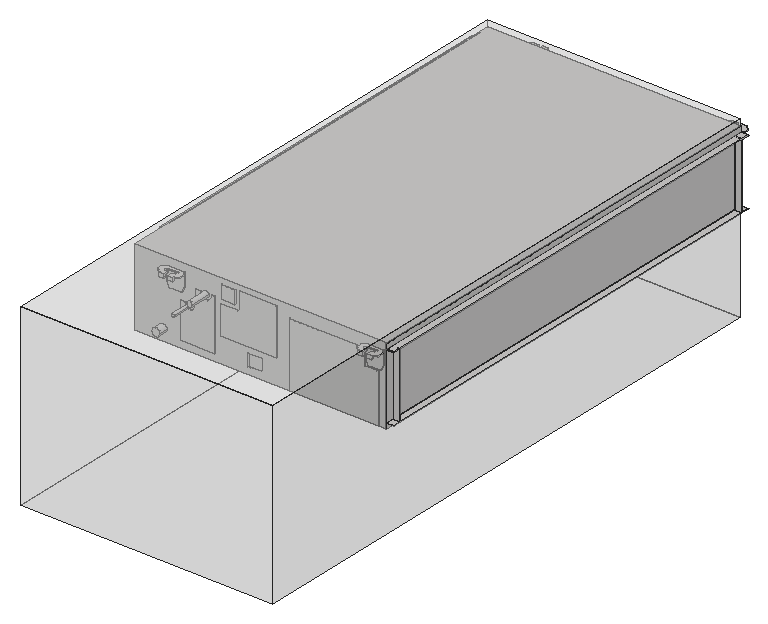
Revit family "outputfile", category 機械設備, Revit 2024
Family settings
  丸型コネクタ寸法 = 半径を使用
  パーツ タイプ = 標準
  OmniClass 番号 = 23.75.10.24.21.27.27
  OmniClass タイトル = Split System Air Conditioning Units
  作業面ベース = いいえ
  常に垂直 = はい
  ロード時にボイドで切り取り = いいえ
  注釈の向きを維持 = いいえ
  共有 = いいえ
  部屋計算ポイント = はい
Parameters (values of type "FBFC100DVM4")
  Description = ""
  製造元 = "Daikin"
  書き出し IFC クラス(タイプ) = "IfcUnitaryEquipmentType"
  定義済み IFC タイプ(タイプ) = "AIRCONDITIONINGUNIT"
  Cost = 0
  モデル = "FBFC100DVM4"
  Type Comments = ""
  Keynote = ""
  Type Image = (empty or 0)
  Assembly Code = ""
  switch_frequency = yes
  r_Liquid Pipe Size = Liquid Pipe Size / 2  # 4.75 mm
  r_Gas Pipe Size = Gas Pipe Size / 2  # 7.95 mm
  r_Drain Pipe Size = Drain Pipe Size / 2  # 12.5 mm
  lw_power = 770.0 mm  # constant formula
  lh_SA = 138.0 mm  # constant formula
  lw_SA = if(Depth = 550.0 mm, 225.0 mm, if(Depth = 700.0 mm, 300.0 mm, if(Depth = 1000.0 mm, 450.0 mm, if(Depth = 1400.0 mm, 650.0 mm, 725.0 mm))))  # 650.0 mm
  lw_RA = if(Depth = 550.0 mm, 275.0 mm, if(Depth = 700.0 mm, 349.0 mm, if(Depth = 1000.0 mm, 499.0 mm, if(Depth = 1400.0 mm, 699.0 mm, 775.0 mm))))  # 699.0 mm
  lh_power = 60.0 mm + [h***]  # 60.0 mm
  lh_mountinghole1 = lh_mountinghole + [h***]  # 222.0 mm
  lh_RA = 123.0 mm  # constant formula
  ld_power = Depth / 2  # 700.0 mm
  connector_voltage = Voltage_50Hz  # 230 V
  connector_powerinput = [Power Input (Cooling)]  # 0.000 kW
  connector_phase = Phase_50Hz  # 1
  Voltage_comment_50Hz = "220 - 240"
  Voltage_50Hz = 230 V
  URL = ""
  Supply Air Direction [instance] = yes
  Sound Power Level_H speed (dB) = 0
  Phase_50Hz = 1
  Minimum External Static Pressure = 50.00 Pa
  Minimum Circuit Amps_50Hz = 0.0 A
  Maximum Fuse Amps_50Hz = 0.0 A
  Maximum External Static Pressure = 150.00 Pa
  Material_Casing = DAIKIN_GalvanizedSteel_Casing_indoorunit
  lw_mountinghole = 630.0 mm  # constant formula
  lh_gaspipe = 183.0 mm + [h***]  # 183.0 mm
  lh_mountinghole = 222.0 mm  # constant formula
  lh_liquidpipe = 136.0 mm + [h***]  # 136.0 mm
  lh_drainpipe = 38.0 mm + [h***]  # 38.0 mm
  lh_antena = Height - lh_mountinghole + 1.0 mm  # 24.0 mm
  ld_drainpipe = Depth / 2 + 26.0 mm  # 726.0 mm
  ld_liquidpipe = Depth / 2 + 69.0 mm  # 769.0 mm
  ld_gaspipe = Depth / 2 + 65.0 mm  # 765.0 mm
  ld_mountinghole = Depth + 38.0 mm  # 1438.0 mm
  h*** = 0.0 mm  # constant formula
  lw_liquidpipe = 179.0 mm  # constant formula
  lw_gaspipe = 229.0 mm  # constant formula
  lw_drainpipe = 91.0 mm  # constant formula
  Width = 800.0 mm
  Version = "ver.1.0"
  Unit Type = "M.S.P. Duct"
  Unit Mass Weight = 46.00 kg
  Unit Designation [instance] = ""
  Uniclass2015Version = "Products v1.30"
  Uniclass2015Title = "Split coil room air conditioning units"
  Uniclass2015Code = "Pr_70_65_03_86"
  Total Cooling Capacity [instance] = 0.000 kW
  Sound Pressure Level_M speed (dBA) = 37.5
  Sound Pressure Level_L speed (dBA) = 35
  Sound Pressure Level_H speed (dBA) = 40
  Series = "SkyAir_Fan Coil Unit"
  Sensible Cooling Capacity [instance] = 0.000 kW
  SA Duct Size Width = 1192.0 mm
  SA Duct Size Height = 176.0 mm
  Refrigerant Type = "R32"
  RA Duct Size Width = 1352.0 mm
  RA Duct Size Height = 208.0 mm
  Power Input (Cooling) = 0.000 kW
  Option Accessory 3 [instance] = ""
  Option Accessory 2 [instance] = ""
  Option Accessory 1 [instance] = ""
  Nominal Cooling Capacity = 10.000 kW
  Minimum Airflow = 1500.00 m³/h
  Median Airflow = 1830.00 m³/h
  Maximum Airflow = 2160.00 m³/h
  Load Classification = HVAC
  Liquid Pipe Size = 9.5 mm
  Link_Nested Family [instance] = ""
  IfcVersion = ""
  IfcExportType = "AIRCONDITIONINGUNIT"
  IfcExportAs = "IfcUnitaryEquipmentType"
  Height = 245.0 mm
  Heat Exchanger Type = "Cross Fin Coil"
  Gas Pipe Size = 15.9 mm
  Frequency_50Hz = 50 Hz
  Fan Type = "Sirocco Fan"
  Fan Drive = "Direct Drive"
  FCU Tag No. [instance] = ""
  Drain Pipe Size = 25.0 mm
  Design Supply Airflow [instance] = 0.00 m³/h
  Design Return Airflow [instance] = 0.00 m³/h
  Design External Static Pressure [instance] = 0.00 Pa
  Depth = 1400.0 mm
  既定の高さ = 0.0 mm
  Cooling Entering Wet Bulb Temperature [instance] = 0.00 °C
  Cooling Entering Dry Bulb Temperature [instance] = 0.00 °C
  Cooling Ambient Wet Bulb Temperature [instance] = 0.00 °C
  Cooling Ambient Dry Bulb Temperature [instance] = 0.00 °C
  Clearance visibility [instance] = yes
  Clearance Top = 20.0 mm
  Clearance Right = 0.0 mm
  Clearance Rear = 0.0 mm
  Clearance Left = 0.0 mm
  Clearance Front = 450.0 mm
  Clearance Bottom = 300.0 mm
Reference planes
  plane 1 "Center (Front/Back)": y = 0
  plane 2 "h": z = 0
  plane 3 "Center (Left/Right)": x = 0
  plane 4 "Back": y = 700
  plane 5 "Front": y = -700
  plane 6 "Left": x = -400
  plane 7 "Right": x = 400
  plane 8 "Top": z = 0
  plane 9 "Bottom": z = -245
  plane 10: y = -215
  plane 11: y = 700
  plane 12: y = -1150
  plane 13: x = -400
  plane 14: x = 400
  plane 15: z = 20
  plane 16: z = -545
  plane 17: x = -400
  plane 18: x = -399
  plane 19: x = 399
  plane 20: y = 50
  plane 21: y = -1
  plane 22: z = -122
  plane 23: y = -701
  plane 24: z = -109
  plane 25: x = -221
  plane 26: y = -765
  plane 27: z = -62
  plane 28: x = -171
  plane 29: y = -726
  plane 30: z = -207
  plane 31: x = -309
  plane 32: x = -309
  plane 33: x = -221
  plane 34: x = -171
  plane 35: x = 370
  plane 36: x = -266
  plane 37: x = 364
  plane 38: y = -719
  plane 39: y = 719
  plane 40: z = -23
  plane 41: z = -107
  plane 42: y = -769
  plane 43: y = -376
  plane 44: x = -251
  plane 45: x = -203
  plane 46: x = -144
  plane 47: z = -59
  plane 48: z = -106
  plane 49: z = -221
  plane 50: z = -109
  plane 51: x = -221
  plane 52: z = -62
  plane 53: x = -171
  plane 54: z = -17
  plane 55: z = -59
  plane 56: x = -121
  plane 57: x = -79
  plane 58: x = -125
  plane 59: x = -64
  plane 60: x = 53
  plane 61: z = -164
  plane 62: z = -73
  plane 63: z = -16
  plane 64: x = 93.5
  plane 65: x = 374.5
  plane 66: x = 330
  plane 67: z = -88.5
  plane 68: z = -38
  plane 69: z = -242.5
  plane 70: x = -38.5
  plane 71: x = 6.5
  plane 72: z = -181
  plane 73: z = -221
  plane 74: y = -699
  plane 75: x = -424
  plane 76: x = 424
Forms (mm)
  Extrusion 1, solid, material "DAIKIN_GalvanizedSteel_Casing_indoorunit" <- "Material_Casing"
    sketch origin (0, 0, 0) x (1, 0, 0) y (0, 1, 0)
      loop
        line (-399, 700) -> (-399, -700) -> (399, -700) -> (399, 700) -> (-399, 700)
    from -245 to 0
  Extrusion 2, solid, material "DAIKIN_GalvanizedSteel_Casing_indoorunit" <- "Material_Casing"
    sketch origin (0, 0, 0) x (1, 0, 0) y (0, 0, 1)
      loop
        line (-251, -221) -> (-144, -221) -> (-144, -59) -> (-154.47, -59)
        arc (-154.47, -59) -> (-171, -78.8) -> (-187.53, -59) r 16.8
        line (-187.53, -59) -> (-203, -59) -> (-203, -106) -> (-206.916, -106)
        arc (-206.916, -106) -> (-221, -123.4) -> (-235.084, -106) r 14.4
        line (-235.084, -106) -> (-251, -106) -> (-251, -221)
    from 700 to 701
  Extrusion 3, solid, material "DAIKIN_GalvanizedSteel_Casing_indoorunit" <- "Material_Casing"
    sketch origin (0, 0, 0) x (1, 0, 0) y (0, 0, 1)
      loop
        line (-121, -17) -> (-121, -59) -> (-79, -59) -> (-79, -17) -> (-121, -17)
      loop
        line (-125, -73) -> (-125, -164) -> (53, -164) -> (53, -16) -> (-64, -16) -> (-64, -73) -> (-125, -73)
    from 700 to 701
  Extrusion 4, solid, material "DAIKIN_GalvanizedSteel_Casing_indoorunit" <- "Material_Casing"
    sketch origin (0, 0, 0) x (1, 0, 0) y (0, 0, 1)
      loop
        line (93.5, -38) -> (93.5, -242.5) -> (374.5, -242.5) -> (374.5, -88.5) -> (330, -88.5) -> (330, -38) -> (93.5, -38)
    from 700 to 701
  Extrusion 5, solid, material "DAIKIN_GalvanizedSteel_Casing_indoorunit" <- "Material_Casing"
    sketch origin (0, 0, 0) x (1, 0, 0) y (0, 0, 1)
      loop
        circle (-221, -109) r 4.75
    from 700 to 769
  Extrusion 6, solid, material "DAIKIN_GalvanizedSteel_Casing_indoorunit" <- "Material_Casing"
    sketch origin (0, 0, 0) x (1, 0, 0) y (0, 0, 1)
      loop
        circle (-171, -62) r 7.95
    from 700 to 765
  Extrusion 7, solid, material "DAIKIN_GalvanizedSteel_Casing_indoorunit" <- "Material_Casing"
    sketch origin (0, 0, 0) x (1, 0, 0) y (0, 0, 1)
      loop
        circle (-309, -207) r 12.5
    from 700 to 726
  Extrusion 8, void
    sketch origin (0, 0, 0) x (1, 0, 0) y (0, 0, 1)
      loop
        line (-38.5, -181) -> (-38.5, -221) -> (6.5, -221) -> (6.5, -181) -> (-38.5, -181)
    from 699 to 700
Cuts and joins
  Extrusion 8 cuts Extrusion 1
Dimensions and locks
  "Height": plane 8 "Top" to plane 9 "Bottom"
  equal spacing: plane 4 "Back", plane 1 "Center (Front/Back)", plane 5 "Front"
  "Depth": plane 4 "Back" to plane 5 "Front"
  equal spacing: plane 6 "Left", plane 3 "Center (Left/Right)", plane 7 "Right"
  "Width": plane 6 "Left" to plane 7 "Right"
  "Clearance Left": plane 13 to plane 6 "Left"
  "Clearance Right": plane 7 "Right" to plane 14
  "Clearance Rear": plane 11 to plane 4 "Back"
  "Clearance Front": plane 5 "Front" to plane 12
  "Clearance Top": plane 15 to plane 8 "Top"
  "Clearance Bottom": plane 9 "Bottom" to plane 16
  locked: plane 17 to plane 18 at 1
  locked: plane 19 to plane 14 at 1
  "lw_SA": plane 11 to plane 20
  "lw_RA": plane 21 to plane 5 "Front"
  "lh_RA": plane 22 to plane 9 "Bottom"
  locked: plane 5 "Front" to plane 23 at 1
  "lw_liquidpipe": plane 25 to plane 6 "Left"
  "lh_liquidpipe": plane 24 to plane 9 "Bottom"
  "lh_gaspipe": plane 27 to plane 9 "Bottom"
  "lw_gaspipe": plane 28 to plane 6 "Left"
  "ld_gaspipe": plane 26 to plane 1 "Center (Front/Back)"
  "ld_drainpipe": plane 29 to plane 1 "Center (Front/Back)"
  "lh_drainpipe": plane 30 to plane 9 "Bottom"
  "lw_drainpipe": plane 31 to plane 6 "Left"
  "lw_drainpipe": plane 6 "Left" to plane 32
  "lw_liquidpipe": plane 6 "Left" to plane 33
  "lw_gaspipe": plane 6 "Left" to plane 34
  "lw_power": plane 6 "Left" to plane 35
  locked: plane 17 to plane 36 at 134
  "lw_mountinghole": plane 36 to plane 37
  equal spacing: plane 38, plane 1 "Center (Front/Back)", plane 39
  "ld_mountinghole": plane 39 to plane 38
  "lh_mountinghole": plane 40 to plane 9 "Bottom"
  "lh_SA": plane 41 to plane 9 "Bottom"
  plane 46 to plane 45 to plane 44 to plane 6 "Left" = 59.0 mm, 48.0 mm, 149.0 mm
  plane 8 "Top" to plane 47 to plane 48 to plane 49 = 59.0 mm locked, 47.0 mm locked, 115.0 mm locked
  plane 53 to plane 51 to plane 6 "Left" = 50.0 mm locked, 179.0 mm locked
  plane 52 to plane 50 to plane 9 "Bottom" = 47.0 mm locked, 136.0 mm locked
  plane 57 to plane 56 to plane 6 "Left" = 42.0 mm locked, 279.0 mm locked
  plane 8 "Top" to plane 54 to plane 55 = 17.0 mm locked, 42.0 mm locked
  plane 60 to plane 59 to plane 58 to plane 6 "Left" = 117.0 mm, 61.0 mm, 275.0 mm
  plane 8 "Top" to plane 63 to plane 62 = 16.0 mm locked, 57.0 mm locked
  locked: plane 63 to plane 61 at 148
  plane 8 "Top" to plane 68 to plane 67 to plane 69 = 38.0 mm locked, 50.5 mm locked, 154.0 mm locked
  plane 65 to plane 66 to plane 64 to plane 6 "Left" = 44.5 mm locked, 236.5 mm locked, 493.5 mm locked
  plane 8 "Top" to plane 72 to plane 73 = 181.0 mm locked, 40.0 mm locked
  plane 71 to plane 70 to plane 6 "Left" = 45.0 mm, 361.5 mm
  locked: plane 74 to plane 5 "Front" at 1
  locked: plane 75 to plane 17 at 24
  locked: plane 14 to plane 76 at 24
  "ld_liquidpipe": plane 42 to plane 1 "Center (Front/Back)"
  "r_Liquid Pipe Size": radius of Extrusion 5 sketch curve
  "r_Gas Pipe Size": radius of Extrusion 6 sketch curve
  "r_Drain Pipe Size": radius of Extrusion 7 sketch curve
  aligned and locked: level to plane 2 "h"
  aligned and locked: plane 8 "Top" to Extrusion 1
  aligned and locked: Extrusion 1 to plane 9 "Bottom"
  aligned and locked: nested 5 to plane 12
  aligned and locked: plane 13 to nested 5
  aligned and locked: plane 14 to nested 5
  aligned and locked: nested 5 to plane 13
  aligned and locked: plane 11 to nested 5
  aligned and locked: plane 15 to nested 5
  aligned and locked: plane 16 to nested 5
  aligned and locked: plane 5 "Front" to Extrusion 1 sketch curve
  aligned and locked: Extrusion 1 to plane 18
  aligned and locked: plane 19 to Extrusion 1
  aligned and locked: nested 7 to plane 18
  aligned and locked: nested 7 to plane 20
  aligned and locked: plane 19 to nested 8
  aligned and locked: plane 21 to nested 8
  aligned and locked: plane 22 to nested 8
  aligned and locked: Extrusion 2 to plane 23
  aligned and locked: plane 5 "Front" to Extrusion 2
  aligned and locked: Extrusion 3 to plane 23
  aligned and locked: plane 5 "Front" to Extrusion 3
  aligned and locked: plane 5 "Front" to Extrusion 4
  aligned and locked: Extrusion 5 sketch curve to plane 25
  aligned and locked: plane 24 to Extrusion 5 sketch curve
  aligned and locked: plane 5 "Front" to Extrusion 5
  aligned and locked: Extrusion 6 sketch curve to plane 28
  aligned and locked: plane 27 to Extrusion 6 sketch curve
  aligned and locked: plane 5 "Front" to Extrusion 6
  aligned and locked: Extrusion 7 sketch curve to plane 31
  aligned and locked: plane 30 to Extrusion 7 sketch curve
  aligned and locked: Extrusion 7 to plane 29
  aligned and locked: nested 3 to plane 29
  aligned and locked: nested 3 to plane 32
  aligned and locked: nested 2 to plane 33
  aligned and locked: nested 1 to plane 34
  aligned and locked: Extrusion 6 to plane 26
  aligned and locked: nested 1 to plane 26
  aligned and locked: nested 6 to plane 5 "Front"
  aligned and locked: nested 6 to plane 35
  aligned and locked: plane 36 to nested 10
  aligned and locked: nested 10 to plane 5 "Front"
  aligned and locked: plane 37 to nested 9
  aligned and locked: nested 9 to plane 5 "Front"
  aligned and locked: nested 11 to plane 36
  aligned and locked: plane 4 "Back" to nested 11
  aligned and locked: nested 12 to plane 37
  aligned and locked: plane 4 "Back" to nested 12
  aligned and locked: plane 40 to nested 10
  aligned and locked: plane 40 to nested 11
  aligned and locked: plane 40 to nested 9
  aligned and locked: plane 40 to nested 12
  aligned and locked: plane 36 to nested 14
  aligned and locked: nested 14 to plane 39
  aligned and locked: plane 37 to nested 13
  aligned and locked: nested 13 to plane 39
  aligned and locked: plane 37 to nested 16
  aligned and locked: plane 38 to nested 16
  aligned and locked: plane 38 to nested 15
  aligned and locked: plane 36 to nested 15
  aligned and locked: plane 17 to plane 6 "Left"
  aligned and locked: plane 41 to nested 7
  aligned and locked: Extrusion 5 to plane 42
  aligned and locked: nested 2 to plane 42
  aligned and locked: Extrusion 3 sketch curve to plane 54
  aligned and locked: Extrusion 3 sketch curve to plane 56
  aligned and locked: plane 55 to Extrusion 3 sketch curve
  aligned and locked: plane 57 to Extrusion 3 sketch curve
  aligned and locked: Extrusion 4 to plane 23
  aligned and locked: Extrusion 8 sketch curve to plane 72
  aligned and locked: plane 73 to Extrusion 8 sketch curve
  aligned and locked: plane 71 to Extrusion 8 sketch curve
  aligned and locked: plane 5 "Front" to Extrusion 8
  aligned and locked: plane 74 to Extrusion 8
  aligned and locked: nested 17 to plane 20
  aligned and locked: nested 17 to plane 75
  aligned and locked: plane 21 to nested 18
  aligned and locked: plane 76 to nested 18
  aligned and locked: plane 41 to nested 17
  aligned and locked: nested 18 to plane 22
  aligned and locked: nested 4 to plane 3 "Center (Left/Right)"
  aligned and locked: plane 1 "Center (Front/Back)" to nested 4
  aligned and locked: level to plane 8 "Top"
  aligned and locked: plane 5 "Front" to Extrusion 7
Automatic sketch dimensions
  plane 6 "Left" to Extrusion 1 sketch curve = 1.0 mm
  Extrusion 1 sketch curve to plane 7 "Right" = 1.0 mm
  Extrusion 1 sketch curve to plane 4 "Back" = 0.0 mm
  Extrusion 2 sketch curve to plane 44 = 0.0 mm
  Extrusion 2 sketch curve to plane 33 = 0.0 mm
  Extrusion 2 sketch curve to plane 45 = 0.0 mm
  Extrusion 2 sketch curve to plane 34 = 0.0 mm
  Extrusion 2 sketch curve to plane 46 = 0.0 mm
  Extrusion 2 sketch curve to plane 49 = 0.0 mm
  Extrusion 2 sketch curve to plane 50 = 0.0 mm
  Extrusion 2 sketch curve to plane 48 = 0.0 mm  (x3)
  Extrusion 2 sketch curve to plane 52 = 0.0 mm
  Extrusion 2 sketch curve to plane 47 = 0.0 mm  (x3)
  plane 33 to Extrusion 2 sketch curve = 14.084 mm
  plane 34 to Extrusion 2 sketch curve = 16.53 mm
  Extrusion 3 sketch curve to plane 58 = 0.0 mm
  Extrusion 3 sketch curve to plane 59 = 0.0 mm
  Extrusion 3 sketch curve to plane 60 = 0.0 mm
  Extrusion 3 sketch curve to plane 61 = 0.0 mm
  Extrusion 3 sketch curve to plane 62 = 0.0 mm
  Extrusion 3 sketch curve to plane 63 = 0.0 mm
  Extrusion 4 sketch curve to plane 64 = 0.0 mm
  Extrusion 4 sketch curve to plane 66 = 0.0 mm
  Extrusion 4 sketch curve to plane 65 = 0.0 mm
  Extrusion 4 sketch curve to plane 69 = 0.0 mm
  Extrusion 4 sketch curve to plane 67 = 0.0 mm
  Extrusion 4 sketch curve to plane 68 = 0.0 mm
  Extrusion 8 sketch curve to plane 70 = 0.0 mm
Nested families
  nested 1: "daikin_connector_rotate2" at (-171, 0, -62), length <- "ld_gaspipe", built-in parameter 1001364 <- "lh_gaspipe", radius <- "r_Gas Pipe Size", type "daikin_connector_rotate2"
    with radius 7.95 mm, length 765.0 mm, angle_vertical 90.00°
  nested 2: "daikin_connector_rotate2" at (-221, 0, -109), length <- "ld_liquidpipe", built-in parameter 1001364 <- "lh_liquidpipe", radius <- "r_Liquid Pipe Size", type "daikin_connector_rotate2"
    with radius 4.75 mm, length 769.0 mm, angle_vertical 90.00°
  nested 3: "daikin_connector_rotate2" at (-309, 0, -207), length <- "ld_drainpipe", built-in parameter 1001364 <- "lh_drainpipe", radius <- "r_Drain Pipe Size", type "daikin_connector_rotate2"
    with radius 12.5 mm, length 726.0 mm, angle_vertical 90.00°
  nested 4: "daikin_△_symbolicline" at (0, 0, 245) x (0, -1, 0) z (0, 0, 1), built-in parameter 1001364 <- "Height", visible <- "Supply Air Direction", type "daikin_△_symbolicline"
    with length 200.0 mm
  nested 5: "daikin_clearancespace" at (0, -225, -262.381), visible <- "Clearance visibility", show <- "Clearance visibility", Link_Nested Family <- "Link_Nested Family", type "daikin_clearancespace"
    with width 800.0 mm, show yes, height 565.0 mm, depth 1850.0 mm, Link_Nested Family ""
  nested 6: "daikin_connector_rotate2" at (370, 0, -185), built-in parameter 1001364 <- "lh_power", length <- "ld_power", type "daikin_connector_rotate2"
    with radius 10.0 mm, length 700.0 mm, angle_vertical 90.00°
  nested 7: "daikin_ductflange_FBFC-DVM42" at (-399, 50, -107) x (0, -1, 0) z (0, 0, 1), type "daikin_ductflange_FBFC-DVM42"
  nested 8: "daikin_ductflange_FBFC-DVM4" at (399, -1, -122) x (0, 1, 0) z (0, 0, 1), type "daikin_ductflange_FBFC-DVM4"
    with width 1352.0 mm, lw 25.0 mm, w 1400.0 mm
  nested 9: "daikin_hangerfixture_FBFC-DVM4" at (364, -700, -23), type "daikin_hangerfixture_FBFC-DVM4"
  nested 10: "daikin_hangerfixture_FBFC-DVM4" at (-266, -700, -23), type "daikin_hangerfixture_FBFC-DVM4"
  nested 11: "daikin_hangerfixture_FBFC-DVM4" at (-266, 700, -23) x (-1, 0, 0) z (0, 0, 1), type "daikin_hangerfixture_FBFC-DVM4"
  nested 12: "daikin_hangerfixture_FBFC-DVM4" at (364, 700, -23) x (-1, 0, 0) z (0, 0, 1), type "daikin_hangerfixture_FBFC-DVM4"
  nested 13: "daikin_mountinghole" at (364, 719, -245), h_mountinghole <- "lh_mountinghole1", l_antenna <- "lh_antena", Link_Nested Family <- "Link_Nested Family", type "daikin_mountinghole"
    with show yes, l_antenna 24.0 mm, h_mountinghole 222.0 mm, Link_Nested Family ""
  nested 14: "daikin_mountinghole" at (-266, 719, -245), h_mountinghole <- "lh_mountinghole1", l_antenna <- "lh_antena", Link_Nested Family <- "Link_Nested Family", type "daikin_mountinghole"
    with show yes, l_antenna 24.0 mm, h_mountinghole 222.0 mm, Link_Nested Family ""
  nested 15: "daikin_mountinghole" at (-266, -719, -245), h_mountinghole <- "lh_mountinghole1", l_antenna <- "lh_antena", Link_Nested Family <- "Link_Nested Family", type "daikin_mountinghole"
    with show yes, l_antenna 24.0 mm, h_mountinghole 222.0 mm, Link_Nested Family ""
  nested 16: "daikin_mountinghole" at (364, -719, -245), h_mountinghole <- "lh_mountinghole1", l_antenna <- "lh_antena", Link_Nested Family <- "Link_Nested Family", type "daikin_mountinghole"
    with show yes, l_antenna 24.0 mm, h_mountinghole 222.0 mm, Link_Nested Family ""
  nested 17: "daikin_connector_rotate2" at (-400, 50, -107) x (0, -1, 0) z (0, 0, 1), type "daikin_connector_rotate2"
    with radius 10.0 mm, length 24.0 mm, angle_vertical 90.00°
  nested 18: "daikin_connector_rotate2" at (400, -1, -122) x (0, 1, 0) z (0, 0, 1), type "daikin_connector_rotate2"
    with radius 10.0 mm, length 24.0 mm, angle_vertical 90.00°
Connectors
  piping at (-309, -726, -207), diameter 25, driven by "r_Drain Pipe Size"
    settings: on nested 3, index 3, connector inside diameter 609.6 mm, connector length 0.0 mm, flow factor 0, pipe flow 0.00 m³/h, pressure drop 0.0 Pa, fitting loss kfactor 0, connector angle 0.00°, fixture units 0, engagement length 0.0 mm, angle of deflection 0.00°, flow configuration 1, flow direction 2, fitting loss method 4, system type 16, joint type 0, gender type 0, connector reference index -1, connector utility 0, adjustable connector no, is connector primary yes, connector description "Condensate Drain Piping"
  piping at (-171, -765, -62), diameter 15.9, driven by "r_Gas Pipe Size"
    settings: on nested 1, index 4, connector inside diameter 609.6 mm, connector length 0.0 mm, flow factor 0, pipe flow 0.00 m³/h, pressure drop 0.0 Pa, fitting loss kfactor 0, connector angle 0.00°, fixture units 0, engagement length 0.0 mm, angle of deflection 0.00°, flow configuration 1, flow direction 2, fitting loss method 0, system type 29, joint type 0, gender type 0, connector reference index -1, connector utility 0, adjustable connector no, is connector primary no, connector description "Refrigerant Gas Piping"
  piping at (-221, -769, -109), diameter 9.5, driven by "r_Liquid Pipe Size"
    settings: on nested 2, index 5, connector inside diameter 609.6 mm, connector length 0.0 mm, flow factor 0, pipe flow 0.00 m³/h, pressure drop 0.0 Pa, fitting loss kfactor 0, connector angle 0.00°, fixture units 0, engagement length 0.0 mm, angle of deflection 0.00°, flow configuration 1, flow direction 1, fitting loss method 0, system type 29, joint type 0, gender type 0, connector reference index -1, connector utility 0, adjustable connector no, is connector primary no, connector description "Refrigerant Liquid Piping"
  electrical at (370, -700, -185), driven by "Load Classification", driven by "connector_powerinput", driven by "connector_voltage", driven by "connector_phase"
    settings: on nested 6, index 6, voltage 230 V, apparent load 0 VA, apparent load phase1 0 VA, apparent load phase2 0 VA, apparent load phase3 0 VA, power factor 1, load classification "HVAC", number of poles 1, system type 30, power factor state 1, is connector primary yes, connector utility no, sub classification motor no, connector description "Power Supply"
  hvac at (-424, 50, -107), driven by "SA Duct Size Height", driven by "SA Duct Size Width"
    settings: on nested 17, index 7, duct flow 0.00 m³/h, flow factor 0, pres drop 0.00 Pa, loss coef 0, conn angle 0.00°, conn width 1192.0 mm, conn height 176.0 mm, conn diameter 609.6 mm, duct sys type 1, conn prof type 1, flow config 0, flow direction 2, loss method 4, conn ref index -1, conn util no, is conn primary yes, conn desc "SA Duct"
  hvac at (424, -1, -122), driven by "RA Duct Size Height", driven by "RA Duct Size Width"
    settings: on nested 18, index 8, duct flow 0.00 m³/h, flow factor 0, pres drop 0.00 Pa, loss coef 0, conn angle 0.00°, conn width 1352.0 mm, conn height 208.0 mm, conn diameter 609.6 mm, duct sys type 2, conn prof type 1, flow config 0, flow direction 1, loss method 4, conn ref index -1, conn util no, is conn primary no, conn desc "RA Duct"
Definition of nested family "daikin_clearancespace"
  Parameters (values of type "daikin_clearancespace")
    Description = "daikin_clearancespace"
    width [instance] = 1823.963 mm
    show [instance] = yes
    material = none
    height [instance] = 1359.762 mm
    depth [instance] = 880.0 mm
    Default Elevation = 0.0 mm
    Link_Nested Family [instance] = ""
  Reference planes
    plane 1 "Center (Front/Back)": y = 0
    plane 2 "Center (Elevation)": z = -0.119
    plane 3 "Center (Left/Right)": x = 0
    plane 4: y = 440
    plane 5: y = -440
    plane 6 "Right": x = 911.982
    plane 7 "Left": x = -911.982
    plane 8 "Top": z = 679.762
    plane 9 "Bottom": z = -680
  Forms (mm)
    Extrusion 1, solid, material <- "material", visible <- "show"
      sketch origin (0, 0, 0) x (1, 0, 0) y (0, 1, 0)
        loop
          line (-911.982, 440) -> (-911.982, -440) -> (911.982, -440) -> (911.982, 440) -> (-911.982, 440)
      from -680 to 679.762
  Lines and regions (mm)
    symbolic lines, visible <- "show"
      curve 1: line (911.982, 440, 0) -> (-911.982, 440, 0)
      curve 2: line (-911.982, 440, 0) -> (-911.982, -440, 0)
      curve 3: line (-911.982, -440, 0) -> (911.982, -440, 0)
      curve 4: line (911.982, -440, 0) -> (911.982, 440, 0)
      curve 5: line (911.982, 0, 679.762) -> (-911.982, 0, 679.762)
      curve 6: line (911.982, 0, -680) -> (911.982, 0, 679.762)
      curve 7: line (-911.982, 0, -680) -> (911.982, 0, -680)
      curve 8: line (-911.982, 0, 679.762) -> (-911.982, 0, -680)
      curve 9: line (0, 440, 679.762) -> (0, -440, 679.762)
      curve 10: line (0, -440, 679.762) -> (0, -440, -680)
      curve 11: line (0, 440, -680) -> (0, 440, 679.762)
      curve 12: line (0, -440, -680) -> (0, 440, -680)
  Dimensions and locks
    "width": plane 7 "Left" to plane 6 "Right"
    "depth": plane 4 to plane 5
    "height": plane 8 "Top" to plane 9 "Bottom"
    equal spacing: plane 7 "Left", plane 3 "Center (Left/Right)", plane 6 "Right"
    equal spacing: plane 4, plane 1 "Center (Front/Back)", plane 5
    equal spacing: plane 8 "Top", plane 2 "Center (Elevation)", plane 9 "Bottom"
    aligned and locked: level to plane 2 "Center (Elevation)"
    aligned and locked: Extrusion 1 sketch curve to plane 4
    aligned and locked: plane 7 "Left" to Extrusion 1 sketch curve
    aligned and locked: Extrusion 1 sketch curve to plane 5
    aligned and locked: Extrusion 1 sketch curve to plane 6 "Right"
    aligned and locked: plane 8 "Top" to Extrusion 1
    aligned and locked: curve 1 to Extrusion 1
    aligned and locked: curve 2 to Extrusion 1
    aligned and locked: curve 3 to Extrusion 1
    aligned and locked: curve 4 to Extrusion 1
    aligned and locked: curve 5 to Extrusion 1
    aligned and locked: curve 6 to Extrusion 1
    aligned and locked: curve 7 to Extrusion 1
    aligned and locked: curve 8 to Extrusion 1
    aligned and locked: curve 9 to Extrusion 1
    aligned and locked: curve 10 to Extrusion 1
    aligned and locked: curve 11 to Extrusion 1
    aligned and locked: curve 12 to Extrusion 1
    aligned and locked: Extrusion 1 to plane 9 "Bottom"
Definition of nested family "daikin_ductflange_FBFC-DVM42"
  Parameters (values of type "daikin_ductflange_FBFC-DVMG2")
    width = if(w = 550.0 mm, 337.0 mm, if(w = 700.0 mm, 492.0 mm, if(w = 1000.0 mm, 792.0 mm, if(w = 1400.0 mm, 1192.0 mm, 1337.0 mm))))  # 1192.0 mm
    material = none
    height = 215.0 mm
    depth = 1.0 mm
    w = 1400.0 mm
    Default Elevation = 0.0 mm
  Reference planes
    plane 1 "Center (Front/Back)": y = 0
    plane 2: z = 0
    plane 3 "Center (Left/Right)": x = 0
    plane 4: z = 88
    plane 5: z = -88
    plane 6: y = -25
    plane 7: z = 106
    plane 8: z = 89
    plane 9: y = -1
    plane 10: x = -617.5
    plane 11: x = 617.5
    plane 12: z = -106
    plane 13: z = -89
    plane 14: y = -1
    plane 15: x = 596
    plane 16: x = -596
    plane 17: x = 597
    plane 18: z = 87
    plane 19: z = -87
    plane 20: x = -597
    plane 21: z = 87
    plane 22: z = -87
    plane 23: y = -1
  Forms (mm)
    Extrusion 1, solid, material <- "material"
      sketch origin (0, 0, 0) x (0, 1, 0) y (0, 0, 1)
        loop
          line (-25, 88) -> (0, 88) -> (0, 106) -> (-1, 106) -> (-1, 89) -> (-25, 89) -> (-25, 88)
      from -617.5 to 617.5
    Extrusion 2, solid, material <- "material"
      sketch origin (0, 0, 0) x (0, 1, 0) y (0, 0, 1)
        loop
          line (-25, -88) -> (-25, -89) -> (-1, -89) -> (-1, -106) -> (0, -106) -> (0, -88) -> (-25, -88)
      from -617.5 to 617.5
    Extrusion 3, solid, material <- "material"
      sketch origin (0, 0, 0) x (1, 0, 0) y (0, 0, 1)
        loop
          line (596, 88) -> (596, -88) -> (617.5, -88) -> (617.5, -87) -> (597, -87) -> (597, 87) -> (617.5, 87) -> (617.5, 88) -> (596, 88)
      from 0 to 25
    Extrusion 4, solid, material <- "material"
      sketch origin (0, 0, 0) x (1, 0, 0) y (0, 0, 1)
        loop
          line (-617.5, 88) -> (-617.5, 87) -> (-597, 87) -> (-597, -87) -> (-617.5, -87) -> (-617.5, -88) -> (-596, -88) -> (-596, 88) -> (-617.5, 88)
      from 0 to 25
    Extrusion 5, solid, material <- "material"
      sketch origin (0, 0, 0) x (1, 0, 0) y (0, 0, 1)
        loop
          line (-617.5, 88) -> (-617.5, -88) -> (-596, -88) -> (-596, 88) -> (-617.5, 88)
        loop
          line (617.5, 88) -> (596, 88) -> (596, -88) -> (617.5, -88) -> (617.5, 88)
      from 0 to 1
  Cuts and joins
    joined: Extrusion 1, Extrusion 2, Extrusion 3, Extrusion 4, Extrusion 5
  Dimensions and locks
    plane 4 to level to plane 5 = 88.0 mm, 88.0 mm
    locked: plane 6 to plane 1 "Center (Front/Back)" at 25
    locked: plane 9 to plane 1 "Center (Front/Back)" at 1
    locked: plane 8 to plane 4 at 1
    locked: plane 16 to plane 10 at 21.5
    locked: plane 17 to plane 15 at 1
    locked: plane 4 to plane 18 at 1
    locked: plane 19 to plane 5 at 1
    "width": plane 15 to plane 16
    plane 4 to plane 5 = 176.0 mm
    locked: plane 16 to plane 20 at 1
    locked: plane 4 to plane 21 at 1
    locked: plane 22 to plane 5 at 1
    locked: plane 23 to plane 1 "Center (Front/Back)" at 1
    plane 4 to level to plane 5 = 88.0 mm locked, 88.0 mm locked
    locked: plane 5 to plane 13 at 1
    locked: plane 5 to plane 12 at 18
    locked: plane 7 to plane 4 at 18
    equal spacing: plane 15, plane 3 "Center (Left/Right)", plane 16
    locked: plane 11 to plane 15 at 21.5
    plane 11 to plane 10 = 1235.0 mm
    aligned and locked: level to plane 2
    aligned and locked: Extrusion 1 to plane 10
    aligned and locked: plane 11 to Extrusion 1
    aligned and locked: plane 5 to Extrusion 2
    aligned and locked: Extrusion 2 to plane 1 "Center (Front/Back)"
    aligned and locked: plane 15 to Extrusion 3 sketch curve
    aligned and locked: Extrusion 3 sketch curve to Extrusion 2  (x2)
    aligned and locked: Extrusion 3 sketch curve to plane 11
    aligned and locked: plane 6 to Extrusion 3
    aligned and locked: Extrusion 2 to plane 10
    aligned and locked: plane 11 to Extrusion 2
    aligned and locked: Extrusion 4 sketch curve to Extrusion 1  (x2)
    aligned and locked: plane 5 to Extrusion 4 sketch curve
    aligned and locked: Extrusion 4 sketch curve to plane 16
    aligned and locked: Extrusion 4 sketch curve to plane 22
    aligned and locked: plane 20 to Extrusion 4 sketch curve
    aligned and locked: plane 21 to Extrusion 4 sketch curve
    aligned and locked: Extrusion 4 to plane 1 "Center (Front/Back)"
    aligned and locked: plane 6 to Extrusion 4
    aligned and locked: Extrusion 5 sketch curve to Extrusion 1  (x4)
    aligned and locked: Extrusion 5 sketch curve to Extrusion 4  (x2)
    aligned and locked: Extrusion 5 sketch curve to Extrusion 3  (x2)
    aligned and locked: Extrusion 5 to plane 1 "Center (Front/Back)"
    aligned and locked: plane 23 to Extrusion 5
  Automatic sketch dimensions
    Extrusion 1 sketch curve to plane 6 = 0.0 mm
    Extrusion 1 sketch curve to plane 7 = 0.0 mm
    Extrusion 1 sketch curve to plane 9 = 0.0 mm
    Extrusion 1 sketch curve to plane 1 "Center (Front/Back)" = 0.0 mm
    Extrusion 1 sketch curve to plane 4 = 0.0 mm
    Extrusion 1 sketch curve to plane 8 = 0.0 mm
    Extrusion 2 sketch curve to plane 6 = 0.0 mm
    plane 12 to Extrusion 2 sketch curve = 0.0 mm
    Extrusion 2 sketch curve to plane 14 = 0.0 mm
    Extrusion 2 sketch curve to plane 1 "Center (Front/Back)" = 0.0 mm
    plane 13 to Extrusion 2 sketch curve = 0.0 mm
    Extrusion 2 sketch curve to plane 5 = 0.0 mm
    Extrusion 3 sketch curve to plane 17 = 0.0 mm
    Extrusion 3 sketch curve to plane 19 = 0.0 mm
    Extrusion 3 sketch curve to plane 18 = 0.0 mm
    Extrusion 3 sketch curve to plane 4 = 0.0 mm
    Extrusion 4 sketch curve to plane 10 = 0.0 mm
Definition of nested family "daikin_ductflange_FBFC-DVM4"
  Parameters (values of type "daikin_ductflange_FBFC-DVMG")
    width = if(w = 550.0 mm, 502.0 mm, if(w = 700.0 mm, 654.0 mm, if(w = 1000.0 mm, 952.0 mm, if(w = 1400.0 mm, 1352.0 mm, 1502.0 mm))))  # 654.0 mm
    material = none
    lw = if(width = 654.0 mm, 23.0 mm, 25.0 mm)  # 23.0 mm
    height = 208.0 mm
    depth = 1.0 mm
    w = 700.0 mm
    Default Elevation = 0.0 mm
  Reference planes
    plane 1 "Center (Front/Back)": y = 0
    plane 2: z = 0
    plane 3 "Center (Left/Right)": x = 0
    plane 4: z = 104
    plane 5: z = -104
    plane 6: y = -25
    plane 7: z = 121
    plane 8: z = 105
    plane 9: y = -1
    plane 10: x = -350
    plane 11: x = 350
    plane 12: z = -122
    plane 13: z = -105
    plane 14: y = -1
    plane 15: x = 327
    plane 16: x = -327
    plane 17: x = 328
    plane 18: z = 103
    plane 19: z = -103
    plane 20: x = -328
    plane 21: z = 103
    plane 22: z = -103
    plane 23: y = -1
  Forms (mm)
    Extrusion 1, solid, material <- "material"
      sketch origin (0, 0, 0) x (0, 1, 0) y (0, 0, 1)
        loop
          line (-25, 104) -> (0, 104) -> (0, 121) -> (-1, 121) -> (-1, 105) -> (-25, 105) -> (-25, 104)
      from -350 to 350
    Extrusion 2, solid, material <- "material"
      sketch origin (0, 0, 0) x (0, 1, 0) y (0, 0, 1)
        loop
          line (-25, -104) -> (-25, -105) -> (-1, -105) -> (-1, -122) -> (0, -122) -> (0, -104) -> (-25, -104)
      from -350 to 350
    Extrusion 3, solid, material <- "material"
      sketch origin (0, 0, 0) x (1, 0, 0) y (0, 0, 1)
        loop
          line (327, 104) -> (327, -104) -> (350, -104) -> (350, -103) -> (328, -103) -> (328, 103) -> (350, 103) -> (350, 104) -> (327, 104)
      from 0 to 25
    Extrusion 4, solid, material <- "material"
      sketch origin (0, 0, 0) x (1, 0, 0) y (0, 0, 1)
        loop
          line (-350, 104) -> (-350, 103) -> (-328, 103) -> (-328, -103) -> (-350, -103) -> (-350, -104) -> (-327, -104) -> (-327, 104) -> (-350, 104)
      from 0 to 25
    Extrusion 5, solid, material <- "material"
      sketch origin (0, 0, 0) x (1, 0, 0) y (0, 0, 1)
        loop
          line (-350, 104) -> (-350, -104) -> (-327, -104) -> (-327, 104) -> (-350, 104)
        loop
          line (350, 104) -> (327, 104) -> (327, -104) -> (350, -104) -> (350, 104)
      from 0 to 1
  Cuts and joins
    joined: Extrusion 1, Extrusion 2, Extrusion 3, Extrusion 4, Extrusion 5
  Dimensions and locks
    plane 4 to level to plane 5 = 104.0 mm, 104.0 mm
    locked: plane 6 to plane 1 "Center (Front/Back)" at 25
    locked: plane 9 to plane 1 "Center (Front/Back)" at 1
    locked: plane 8 to plane 4 at 1
    "lw": plane 11 to plane 15
    "lw": plane 16 to plane 10
    locked: plane 17 to plane 15 at 1
    locked: plane 4 to plane 18 at 1
    locked: plane 19 to plane 5 at 1
    "width": plane 15 to plane 16
    equal spacing: plane 15, plane 3 "Center (Left/Right)", plane 16
    locked: plane 16 to plane 20 at 1
    locked: plane 4 to plane 21 at 1
    locked: plane 22 to plane 5 at 1
    locked: plane 23 to plane 1 "Center (Front/Back)" at 1
    locked: plane 7 to plane 4 at 17
    locked: plane 1 "Center (Front/Back)" to plane 14 at 1
    locked: plane 5 to plane 13 at 1
    "height": plane 4 to plane 5
    plane 11 to plane 10 = 700.0 mm
    locked: plane 12 to plane 13 at 17
    equal spacing: plane 4, level, plane 5
    aligned and locked: level to plane 2
    aligned and locked: Extrusion 1 to plane 10
    aligned and locked: plane 11 to Extrusion 1
    aligned and locked: plane 5 to Extrusion 2
    aligned and locked: Extrusion 2 to plane 1 "Center (Front/Back)"
    aligned and locked: plane 15 to Extrusion 3 sketch curve
    aligned and locked: Extrusion 3 sketch curve to Extrusion 2  (x2)
    aligned and locked: Extrusion 3 sketch curve to plane 11
    aligned and locked: plane 6 to Extrusion 3
    aligned and locked: Extrusion 2 to plane 10
    aligned and locked: plane 11 to Extrusion 2
    aligned and locked: Extrusion 4 sketch curve to Extrusion 1  (x2)
    aligned and locked: plane 5 to Extrusion 4 sketch curve
    aligned and locked: Extrusion 4 sketch curve to plane 16
    aligned and locked: Extrusion 4 sketch curve to plane 22
    aligned and locked: plane 20 to Extrusion 4 sketch curve
    aligned and locked: plane 21 to Extrusion 4 sketch curve
    aligned and locked: Extrusion 4 to plane 1 "Center (Front/Back)"
    aligned and locked: plane 6 to Extrusion 4
    aligned and locked: Extrusion 5 sketch curve to Extrusion 1  (x4)
    aligned and locked: Extrusion 5 sketch curve to Extrusion 4  (x2)
    aligned and locked: Extrusion 5 sketch curve to Extrusion 3  (x2)
    aligned and locked: Extrusion 5 to plane 1 "Center (Front/Back)"
    aligned and locked: plane 23 to Extrusion 5
  Automatic sketch dimensions
    Extrusion 1 sketch curve to plane 6 = 0.0 mm
    Extrusion 1 sketch curve to plane 7 = 0.0 mm
    Extrusion 1 sketch curve to plane 9 = 0.0 mm
    Extrusion 1 sketch curve to plane 1 "Center (Front/Back)" = 0.0 mm
    Extrusion 1 sketch curve to plane 4 = 0.0 mm
    Extrusion 1 sketch curve to plane 8 = 0.0 mm
    Extrusion 2 sketch curve to plane 6 = 0.0 mm
    plane 12 to Extrusion 2 sketch curve = 0.0 mm
    Extrusion 2 sketch curve to plane 14 = 0.0 mm
    Extrusion 2 sketch curve to plane 1 "Center (Front/Back)" = 0.0 mm
    plane 13 to Extrusion 2 sketch curve = 0.0 mm
    Extrusion 2 sketch curve to plane 5 = 0.0 mm
    Extrusion 3 sketch curve to plane 17 = 0.0 mm
    Extrusion 3 sketch curve to plane 19 = 0.0 mm
    Extrusion 3 sketch curve to plane 18 = 0.0 mm
    Extrusion 3 sketch curve to plane 4 = 0.0 mm
    Extrusion 4 sketch curve to plane 10 = 0.0 mm
Definition of nested family "daikin_hangerfixture_FBFC-DVM4"
  Parameters (values of type "daikin_hangerfixture_FXMQ-PAVE")
    width = 72.0 mm
    material = none
    height = 60.0 mm
    depth = 41.0 mm
    Default Elevation = 0.0 mm
  Reference planes
    plane 1 "Center (Front/Back)": y = 0
    plane 2: z = 0
    plane 3 "Center (Left/Right)": x = 0
    plane 4: y = 417.146
    plane 5: y = -41
    plane 6: x = -36
    plane 7: x = 36
    plane 8: z = -2.3
    plane 9: z = -60
    plane 10: y = -2.3
    plane 11: z = -12
    plane 12: y = -38.7
  Forms (mm)
    Extrusion 1, solid, material <- "material"
      sketch origin (0, 0, 0) x (1, 0, 0) y (0, 1, 0)
        loop
          line (-28, 0) -> (-28, -5)
          arc (-28, -5) -> (-29.127, -8.162) -> (-32, -9.899) r 5
          arc (-32, -9.899) -> (-34.873, -11.636) -> (-36, -14.798) r 5
          line (-36, -14.798) -> (-36, -27.178)
          arc (-36, -27.178) -> (-35.429, -29.499) -> (-33.846, -31.289) r 5
          line (-33.846, -31.289) -> (-23, -38.798) -> (-23, -41.098) -> (-6.5, -41.098) -> (-6.5, -28.498)
          arc (-6.5, -28.498) -> (-7.379, -26.377) -> (-9.5, -25.498) r 3
          line (-9.5, -25.498) -> (-13.5, -25.498)
          arc (-13.5, -25.498) -> (-20, -18.998) -> (-13.5, -12.498) r 6.5
          line (-13.5, -12.498) -> (13.5, -12.498)
          arc (13.5, -12.498) -> (20, -18.998) -> (13.5, -25.498) r 6.5
          line (13.5, -25.498) -> (9.5, -25.498)
          arc (9.5, -25.498) -> (7.379, -26.377) -> (6.5, -28.498) r 3
          line (6.5, -28.498) -> (6.5, -41.098) -> (23, -41.098) -> (23, -38.798) -> (33.846, -31.289)
          arc (33.846, -31.289) -> (35.429, -29.499) -> (36, -27.178) r 5
          line (36, -27.178) -> (36, -14.596)
          arc (36, -14.596) -> (34.873, -11.434) -> (32, -9.697) r 5
          arc (32, -9.697) -> (29.127, -7.96) -> (28, -4.798) r 5
          line (28, -4.798) -> (28, 0) -> (-28, 0)
      from 0 to -2.3
    Extrusion 2, solid, material <- "material"
      sketch origin (0, 0, 0) x (1, 0, 0) y (0, 0, 1)
        loop
          line (28, -39.037) -> (28, 0) -> (-28, 0) -> (-28, -39.037)
          arc (-28, -39.037) -> (-27.91, -39.983) -> (-27.642, -40.894) r 5
          line (-27.642, -40.894) -> (-21.257, -56.857)
          arc (-21.257, -56.857) -> (-19.418, -59.14) -> (-16.615, -60) r 5
          line (-16.615, -60) -> (16.615, -60)
          arc (16.615, -60) -> (19.418, -59.14) -> (21.257, -56.857) r 5
          line (21.257, -56.857) -> (27.642, -40.894)
          arc (27.642, -40.894) -> (27.91, -39.983) -> (28, -39.037) r 5
      from 0 to 2.3
    Extrusion 3, solid, material <- "material"
      sketch origin (0, 0, 0) x (1, 0, 0) y (0, 0, 1)
        loop
          line (-23, 0) -> (-23, -9)
          arc (-23, -9) -> (-22.121, -11.121) -> (-20, -12) r 3
          line (-20, -12) -> (-9.5, -12)
          arc (-9.5, -12) -> (-7.379, -11.121) -> (-6.5, -9) r 3
          line (-6.5, -9) -> (-6.5, 0) -> (-23, 0)
        loop
          line (23, 0) -> (6.5, 0) -> (6.5, -9)
          arc (6.5, -9) -> (7.379, -11.121) -> (9.5, -12) r 3
          line (9.5, -12) -> (20, -12)
          arc (20, -12) -> (22.121, -11.121) -> (23, -9) r 3
          line (23, -9) -> (23, 0)
      from 38.8 to 41.098
  Cuts and joins
    joined: Extrusion 1, Extrusion 2, Extrusion 3
  Dimensions and locks
    plane 2 to plane 8 = 2.3 mm
    "height": plane 2 to plane 9
    locked: plane 10 to plane 1 "Center (Front/Back)" at 2.3
    locked: plane 2 to plane 11 at 12
    locked: plane 12 to plane 5 at 2.3
    aligned and locked: level to plane 2
    aligned and locked: Extrusion 1 to plane 8
    aligned and locked: plane 2 to Extrusion 1
    aligned and locked: plane 2 to Extrusion 2 sketch curve
    aligned and locked: Extrusion 2 to plane 10
    aligned and locked: Extrusion 2 to plane 1 "Center (Front/Back)"
    aligned and locked: Extrusion 3 sketch curve to cut or joined group of Extrusion 1, Extrusion 2, Extrusion 3  (x3)
    aligned and locked: cut or joined group of Extrusion 1, Extrusion 2, Extrusion 3 to Extrusion 3
  Automatic sketch dimensions
    Extrusion 2 sketch curve to plane 7 = 8.0 mm
    Extrusion 2 sketch curve to plane 8 = 36.737 mm
    plane 6 to Extrusion 2 sketch curve = 19.385 mm
    Extrusion 1 sketch curve to plane 6 = 0.0 mm
    plane 1 "Center (Front/Back)" to Extrusion 1 sketch curve = 0.0 mm
    Extrusion 1 sketch curve to plane 7 = 0.0 mm
    plane 6 to Extrusion 1 sketch curve = 2.154 mm
    plane 6 to Extrusion 1 sketch curve = 3.0 mm
    Extrusion 1 sketch curve to Extrusion 1 sketch curve = 5.0 mm  (x3)
    Extrusion 1 sketch curve to plane 12 = 0.098 mm  (x2)
    Extrusion 1 sketch curve to Extrusion 1 sketch curve = 4.0 mm  (x2)
    Extrusion 1 sketch curve to plane 5 = 0.098 mm  (x2)
    Extrusion 1 sketch curve to plane 3 "Center (Left/Right)" = 6.5 mm
    plane 3 "Center (Left/Right)" to Extrusion 1 sketch curve = 6.5 mm
    Extrusion 1 sketch curve to Extrusion 1 sketch curve = 3.0 mm
    Extrusion 1 sketch curve to plane 7 = 8.0 mm
    Extrusion 1 sketch curve to plane 7 = 5.0 mm
    Extrusion 1 sketch curve to plane 7 = 3.0 mm
    Extrusion 1 sketch curve to plane 7 = 2.154 mm
    plane 12 to Extrusion 1 sketch curve = 7.411 mm  (x2)
    plane 12 to Extrusion 1 sketch curve = 10.202 mm  (x2)
    Extrusion 1 sketch curve to Extrusion 1 sketch curve = 6.5 mm  (x2)
    Extrusion 1 sketch curve to Extrusion 1 sketch curve = 12.38 mm
    Extrusion 1 sketch curve to plane 10 = 12.296 mm
    Extrusion 1 sketch curve to plane 10 = 2.7 mm
    Extrusion 1 sketch curve to plane 10 = 2.498 mm
    plane 6 to Extrusion 1 sketch curve = 4.0 mm
    Extrusion 1 sketch curve to Extrusion 1 sketch curve = 0.0 mm  (x2)
    Extrusion 1 sketch curve to plane 7 = 4.0 mm
    Extrusion 1 sketch curve to Extrusion 1 sketch curve = 4.111 mm
    Extrusion 3 sketch curve to level = 0.0 mm  (x2)
    Extrusion 3 sketch curve to plane 11 = 0.0 mm  (x2)
    plane 11 to Extrusion 3 sketch curve = 3.0 mm  (x2)
    plane 3 "Center (Left/Right)" to Extrusion 3 sketch curve = 6.5 mm
    Extrusion 3 sketch curve to Extrusion 3 sketch curve = 3.0 mm  (x2)
    Extrusion 2 sketch curve to plane 9 = 0.0 mm
    Extrusion 2 sketch curve to Extrusion 2 sketch curve = 11.385 mm
    plane 6 to Extrusion 2 sketch curve = 8.0 mm
    plane 9 to Extrusion 2 sketch curve = 20.963 mm
    Extrusion 2 sketch curve to Extrusion 2 sketch curve = 5.0 mm  (x2)
    plane 9 to Extrusion 2 sketch curve = 3.143 mm  (x3)
    Extrusion 2 sketch curve to Extrusion 2 sketch curve = 4.642 mm  (x2)
    Extrusion 2 sketch curve to Extrusion 2 sketch curve = 0.0 mm  (x2)
    Extrusion 2 sketch curve to Extrusion 2 sketch curve = 0.358 mm
    Extrusion 2 sketch curve to Extrusion 2 sketch curve = 1.857 mm  (x2)
Definition of nested family "daikin_connector_rotate2"
  Parameters (values of type "daikin_connector_rotate2")
    Default Elevation = 1219.2 mm
    show_face = no
    radius [instance] = 10.0 mm
    length [instance] = 600.0 mm
    d_surface = 10.0 mm
    angle_vertical [instance] = 90.00°
  Reference planes
    plane 1 "Center (Front/Back)": y = 0
    plane 2: z = 0
    plane 3 "Center (Left/Right)": x = 0
  Forms (mm)
    Extrusion 1, solid, visible <- "show_face"
      sketch origin (0, -600, 0) x (1, 0, 0) y (0, 0, 1)
        loop
          circle (0, 0) r 10
      from 0 to -10
  Lines and regions (mm)
    reference lines
      curve 1: line (0, 0, 0) -> (0, -600, 0)
    symbolic lines
      curve 2: circle (0, 0, 0) r 5 normal (0, 0, 1)
    model lines, visible <- "show_face"
      curve 3: line (0, 0, 0) -> (0, -600, 0)
  Dimensions and locks
    "length": curve 1 to curve 1
    "length": curve 3 to curve 3
    "d_surface": Extrusion 1 to Extrusion 1
    "radius": radius of Extrusion 1 sketch curve
    "angle_vertical": angle curve 1 to plane 1 "Center (Front/Back)"
    "angle_vertical": angle curve 3 to plane 1 "Center (Front/Back)"
    aligned and locked: level to plane 2
    aligned and locked: plane 1 "Center (Front/Back)" to curve 1
    aligned and locked: plane 2 to curve 1
    aligned and locked: plane 1 "Center (Front/Back)" to curve 2
    aligned and locked: plane 3 "Center (Left/Right)" to curve 2
    aligned and locked: plane 1 "Center (Front/Back)" to curve 3
    aligned and locked: plane 2 to curve 3
    aligned and locked: Extrusion 1 to Extrusion 1
  Automatic sketch dimensions
    Extrusion 1 sketch curve to level = 0.0 mm
    Extrusion 1 sketch curve to plane 3 "Center (Left/Right)" = 0.0 mm
    radius of curve 2 = 5.0 mm
Definition of nested family "daikin_△_symbolicline"
  Parameters (values of type "daikin_△_symbolicline")
    length [instance] = 200.0 mm
    Default Elevation = 0.0 mm
  Reference planes
    plane 1 "Center (Front/Back)": y = 0
    plane 2: z = 0
    plane 3 "Center (Left/Right)": x = 0
  Lines and regions (mm)
    symbolic lines
      curve 1: line (0, -173.205, 0) -> (100, 0, 0)
      curve 2: line (100, 0, 0) -> (-100, 0, 0)
      curve 3: line (-100, 0, 0) -> (0, -173.205, 0)
  Dimensions and locks
    equal spacing: curve 3, plane 3 "Center (Left/Right)", curve 2
    "length": curve 3 to curve 2
    "length": curve 3 to curve 3
    "length": curve 1 to curve 1
    aligned and locked: level to plane 2
    aligned and locked: curve 2 to plane 1 "Center (Front/Back)"
    aligned and locked: plane 3 "Center (Left/Right)" to curve 3
Definition of nested family "daikin_mountinghole"
  Parameters (values of type "daikin_mountinghole")
    Default Elevation = 1219.2 mm
    Type Comments = "mountinghole"
    show [instance] = yes
    material = none
    l_centerline = 100.0 mm
    l_antenna [instance] = 100.0 mm
    h_mountinghole [instance] = 0.0 mm
    d_circle = 30.0 mm
    Link_Nested Family [instance] = ""
  Reference planes
    plane 1 "Center (Front/Back)": y = 0
    plane 2: z = 0
    plane 3 "Center (Left/Right)": x = 0
    plane 4: y = 50
    plane 5: x = -50
    plane 6: x = 50
    plane 7: y = -50
    plane 8 "h_mountinghole": z = 0
    plane 9: z = 100
  Lines and regions (mm)
    model lines, detail levels fine
      curve 1: circle (0, 0, 0) r 15 normal (0, 0, 1)
      curve 2: line (-50, 0, 0) -> (50, 0, 0)
      curve 3: line (0, 50, 0) -> (0, -50, 0)
    symbolic lines, detail levels fine
      curve 4: circle (0, 0, 0) r 15 normal (0, 0, 1)
      curve 5: line (-50, 0, 0) -> (50, 0, 0)
      curve 6: line (0, 50, 0) -> (0, -50, 0)
    model lines
      curve 7: line (0, 0, 100) -> (0, 0, 0)
  Dimensions and locks
    equal spacing: plane 4, plane 1 "Center (Front/Back)", plane 7
    "l_centerline": plane 4 to plane 7
    equal spacing: plane 5, plane 3 "Center (Left/Right)", plane 6
    "l_centerline": plane 5 to plane 6
    "l_antenna": plane 9 to plane 8 "h_mountinghole"
    "h_mountinghole": plane 8 "h_mountinghole" to plane 2
    "d_circle": diameter of curve 1
    "d_circle": diameter of curve 4
    aligned and locked: level to plane 2
    aligned and locked: plane 1 "Center (Front/Back)" to curve 1
    aligned and locked: plane 3 "Center (Left/Right)" to curve 1
    aligned and locked: plane 1 "Center (Front/Back)" to curve 2
    aligned and locked: curve 3 to plane 3 "Center (Left/Right)"
    aligned and locked: plane 6 to curve 2
    aligned and locked: plane 5 to curve 2
    aligned and locked: plane 4 to curve 3
    aligned and locked: plane 7 to curve 3
    aligned and locked: plane 1 "Center (Front/Back)" to curve 4
    aligned and locked: plane 3 "Center (Left/Right)" to curve 4
    aligned and locked: plane 6 to curve 5
    aligned and locked: plane 5 to curve 5
    aligned and locked: plane 1 "Center (Front/Back)" to curve 5
    aligned and locked: plane 4 to curve 6
    aligned and locked: plane 7 to curve 6
    aligned and locked: curve 6 to plane 3 "Center (Left/Right)"
    aligned and locked: curve 7 to plane 3 "Center (Left/Right)"
    aligned and locked: plane 9 to curve 7
    aligned and locked: plane 8 "h_mountinghole" to curve 7
